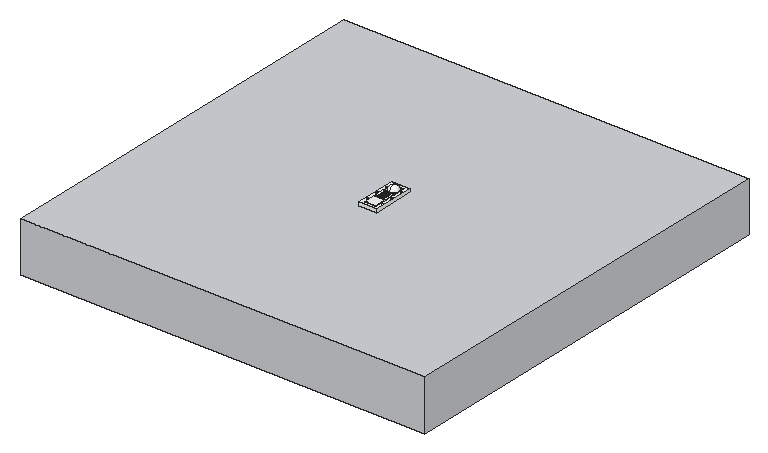
Revit family "Gira_126967", category Elektroinstallationen, Revit 2017
Family settings
  Basisbauteil = Fläche
  Beschriftungsausrichtung beibehalten = Nein
  Bemaßung runder Anschluss = Durchmesser verwenden
  Teiletyp = Normal
  Beim Laden mit Abzugskörper schneiden = Nein
  Gemeinsam genutzt = Nein
  Raumberechnungspunkt = Nein
Parameters
  Default Elevation = 1219.2 mm
  URL = "https://www.gira.de/"
  Typname = "Türstation Video AP 1f Türko Anthrazit"
  Schutz gegen Vandalismus = yes
  Produktseite = "http://katalog.gira.de/de_DE/datenblatt.html?artikelnr=126967"
  Montageart = "Aufputz"
  Modulare Bauweise = yes
  Mit Kamera = yes
  Mit Infoschild = yes
  Mit Abdeckung = yes
  Installationstechnik = "Bus-System"
  Hersteller = "Gira"
  HAN = "126967"
  GTIN = "4010337269670"
  Farbe = "anthrazit"
  Datenblatt = "https://katalog.gira.de/de_DE/download.html?artikelnr=126967"
  Beschreibung = "Türstation Video AP 1fach  Anthrazit Merkmale: - Komplett vormontierte Türstation AP für die senkrechte Aufputz-Montage. Dadurch schnelle und saubere Montage möglich. - Im Design des Schalterprogramms Gira TX_44. - Verwindungssteifes Aufputz-Gehäuse durch Aluminiumprofil. - Abdeckrahmen aus bruchsicherem Thermoplast mit hoher UV-Stabilität sowie einer kratzfesten, pflegeleichten Oberfläche. - Diebstahlschutz mittels Torx-Schrauben. - Signalübertragung und Versorgung der Audio- und Videokomponenten über verpolungssicheren und kurzschlussfesten 2-Draht-Bus. - Einmann-Inbetriebnahme durch einfache Inbetriebnahme-Prozedur. - Wetterfester Lautsprecher. - Hochwertiges Elektretmikrofon. - Freisprechfunktion (sprachgesteuertes Gegensprechen mit Echo- und Hintergrund-geräuschunterdrückung). - Akustisches Quittiersignal bei Ruftastenbetätigung. - Sprechlautstärke einstellbar. - Weiße Ruftastenausleuchtung in LED-Technologie. Durch die wartungsfreie und stromsparende LED-Technologie wird eine gleichmäßige, gut sichtbare Ruftastenausleuchtung erreicht. - Spritzwasserdichte Ruftastenabdeckung aus schlagfestem Kunststoff. - Namensschild des Ruftasters ohne Werkzeug und ohne Rahmendemontage austauschbar.  - Professionelle Beschriftung über den Gira Beschriftungsservice www.beschriftung.gira.de oder die Gira Beschriftungssoftware. - Türstation mit Farbkamera, Türlautsprecher und Ruftaster. - Automatische Tag- bzw. Nachtumschaltung: Die Kamera schaltet ab einer definierten Umgebungshelligkeit von Tagbetrieb (Farbdarstellung) auf Nachtbetrieb (Schwarz-Weiß-Darstellung) und umgekehrt. Aufgrund der hohen Lichtempfindlichkeit im Nachtbetrieb werden gute Darstellungsergebnisse auch bei schlechten Lichtverhältnissen erreicht. - Leuchtdioden sorgen im Nachtbetrieb für eine gleichmäßige Gesichtsfeldausleuchtung im Nahbereich. - Kamera horizontal und vertikal um 20 manuell schwenkbar. In Kombination mit dem Weitwinkelobjektiv ergibt sich daraus ein sehr großer Sichtwinkel. - Automatische Gegenlichtkompensation. - Automatischer Weißabgleich. - Automatische Verstärkungsregelung (AGC). - Integrierte Kameraheizung mit Temperaturerfassung. - Spritzwasserdichte Abdeckung. - Kameraabdeckung aus schlagfestem Kunststoff, bei Beschädigung, z. B. durch Vandalismus, leicht austauschbar."
  BIM = "https://media.stage.bim.site/public/gira/876eb45/T%C3%BCrst.Video%20AP%201fach_T%C3%BCrko.rfa?public/gira/876eb45/Türst.Video AP 1fach_Türko.rfa"
  Anzahl der Ruftasten = 1
Reference planes
  plane 1 "Center (Front/Back)": y = 0
  plane 2: z = 0
  plane 3 "Center (Left/Right)": x = 0
Forms (mm)
  Extrusion 1, solid
    sketch origin (0, 0, 0) x (1, 0, 0) y (0, 1, 0)
      loop
        line (-1219.2, 1219.2) -> (-1219.2, -1219.2) -> (1219.2, -1219.2) -> (1219.2, 1219.2) -> (-1219.2, 1219.2)
    from 0 to -304.8
  Extrusion 2, solid, material "White", detail levels fine
    sketch origin (0, 0, 0) x (1, 0, 0) y (0, 1, 0)
      loop
        line (-55, 125.8) -> (-55, -125.8)
        spline (-55, -125.8) -> (-54.996, -125.865) -> (-54.983, -125.93) -> (-54.962, -125.991) -> (-54.933, -126.05) -> (-54.897, -126.104) -> (-54.854, -126.154) -> (-54.804, -126.197) -> (-54.75, -126.233) -> (-54.691, -126.262) -> (-54.63, -126.283) -> (-54.565, -126.296) -> (-54.5, -126.3)
        line (-54.5, -126.3) -> (54.5, -126.3)
        spline (54.5, -126.3) -> (54.565, -126.296) -> (54.63, -126.283) -> (54.691, -126.262) -> (54.75, -126.233) -> (54.804, -126.197) -> (54.854, -126.154) -> (54.897, -126.104) -> (54.933, -126.05) -> (54.962, -125.991) -> (54.983, -125.93) -> (54.996, -125.865) -> (55, -125.8)
        line (55, -125.8) -> (55, 125.8)
        spline (55, 125.8) -> (54.996, 125.865) -> (54.983, 125.93) -> (54.962, 125.991) -> (54.933, 126.05) -> (54.897, 126.104) -> (54.854, 126.154) -> (54.804, 126.197) -> (54.75, 126.233) -> (54.691, 126.262) -> (54.63, 126.283) -> (54.565, 126.296) -> (54.5, 126.3)
        line (54.5, 126.3) -> (-54.5, 126.3)
        spline (-54.5, 126.3) -> (-54.565, 126.296) -> (-54.63, 126.283) -> (-54.691, 126.262) -> (-54.75, 126.233) -> (-54.804, 126.197) -> (-54.854, 126.154) -> (-54.897, 126.104) -> (-54.933, 126.05) -> (-54.962, 125.991) -> (-54.983, 125.93) -> (-54.996, 125.865) -> (-55, 125.8)
      loop
        circle (-45, -71.3) r 2.75
      loop
        circle (-45, 0) r 2.75
      loop
        circle (-45, 71.3) r 2.75
      loop
        circle (45, 71.3) r 2.75
      loop
        circle (45, 0) r 2.75
      loop
        circle (45, -71.3) r 2.75
    from 0 to 17.5
  Extrusion 3, solid, material "White", detail levels fine
    sketch origin (0, 0, 0) x (1, 0, 0) y (0, 1, 0)
      loop
        line (-35.001, -106.301) -> (34.905, -106.301) -> (34.905, -36.395) -> (-35.001, -36.395) -> (-35.001, -106.301)
      loop
        line (-33, -33.5) -> (33, -33.5)
        arc (33, -33.5) -> (33.354, -33.354) -> (33.5, -33) r 0.5
        line (33.5, -33) -> (33.5, 33)
        arc (33.5, 33) -> (33.354, 33.354) -> (33, 33.5) r 0.5
        line (33, 33.5) -> (-33, 33.5)
        arc (-33, 33.5) -> (-33.354, 33.354) -> (-33.5, 33) r 0.5
        line (-33.5, 33) -> (-33.5, -33)
        arc (-33.5, -33) -> (-33.354, -33.354) -> (-33, -33.5) r 0.5
      loop
        line (-33, 37.8) -> (33, 37.8)
        arc (33, 37.8) -> (33.354, 37.946) -> (33.5, 38.3) r 0.5
        line (33.5, 38.3) -> (33.5, 104.3)
        arc (33.5, 104.3) -> (33.354, 104.654) -> (33, 104.8) r 0.5
        line (33, 104.8) -> (-33, 104.8)
        arc (-33, 104.8) -> (-33.354, 104.654) -> (-33.5, 104.3) r 0.5
        line (-33.5, 104.3) -> (-33.5, 38.3)
        arc (-33.5, 38.3) -> (-33.354, 37.946) -> (-33, 37.8) r 0.5
      loop
        circle (-18, 18) r 1.125
      loop
        circle (-9, 18) r 1.125
      loop
        circle (0, 18) r 1.125
      loop
        circle (9, 18) r 1.125
      loop
        circle (18, 18) r 1.125
      loop
        circle (18, 9) r 1.125
      loop
        circle (9, 9) r 1.125
      loop
        circle (0, 9) r 1.125
      loop
        circle (-9, 9) r 1.125
      loop
        circle (-18, 9) r 1.125
      loop
        circle (-18, 0) r 1.125
      loop
        circle (-9, 0) r 1.125
      loop
        circle (0, 0) r 1
      loop
        circle (9, 0) r 1.125
      loop
        circle (18, 0) r 1.125
      loop
        circle (18, -9) r 1.125
      loop
        circle (9, -9) r 1.125
      loop
        circle (0, -9) r 1.125
      loop
        circle (-9, -9) r 1.125
      loop
        circle (-18, -9) r 1.125
      loop
        circle (-18, -18) r 1.125
      loop
        circle (-9, -18) r 1.125
      loop
        circle (0, -18) r 1.125
      loop
        circle (9, -18) r 1.125
      loop
        circle (18, -18) r 1.125
    from 17.5 to 19.2
  Extrusion 4, solid, material "White", detail levels fine
    sketch origin (0, 0, 0) x (1, 0, 0) y (0, 1, 0)
      loop
        circle (-45, -71.3) r 2.5
      loop
        circle (-45, 0) r 2.5
      loop
        circle (-45, 71.3) r 2.5
      loop
        circle (45, -71.3) r 2.5
      loop
        circle (45, 0) r 2.5
      loop
        circle (45, 71.3) r 2.5
    from 0 to 17.5
  Revolve 5, solid, material "White", detail levels medium+fine
    sketch origin (0, 0, 0) x (0, 1, 0) y (0, 0, 1)
      loop
        arc (100.8, 19.2) -> (89.775, 35.264) -> (71.3, 41.45) r 30.681
        line (71.3, 41.45) -> (71.3, 19.2) -> (100.8, 19.2)
      axis (71.3, 41.45) -> (71.3, 19.2)
    angle from 0 to 360
  Extrusion 6, solid, material "White", detail levels medium
    sketch origin (0, 0, 0) x (1, 0, 0) y (0, 1, 0)
      loop
        line (-55, 126.3) -> (-55, -126.3) -> (55, -126.3) -> (55, 126.3) -> (-55, 126.3)
    from 0 to 17.5
  Extrusion 7, solid, material "White", detail levels medium
    sketch origin (0, 0, 0) x (1, 0, 0) y (0, 1, 0)
      loop
        line (-35.001, 104.8) -> (-35.001, -106.301) -> (34.905, -106.301) -> (34.905, 104.8) -> (-35.001, 104.8)
    from 17.5 to 19.2
  Extrusion 8, solid, material "White", detail levels coarse
    sketch origin (0, 0, 0) x (1, 0, 0) y (0, 1, 0)
      loop
        line (-55, 126.3) -> (-55, -126.3) -> (55, -126.3) -> (55, 126.3) -> (-55, 126.3)
    from 0 to 41.45
Lines and regions (mm)
  model lines
    curve 1: line (-47.75, -71.3, 0) -> (-42.25, -71.3, 0)
Dimensions and locks
  aligned and locked: plane 2 to Extrusion 1
  aligned and locked: level to Extrusion 1
